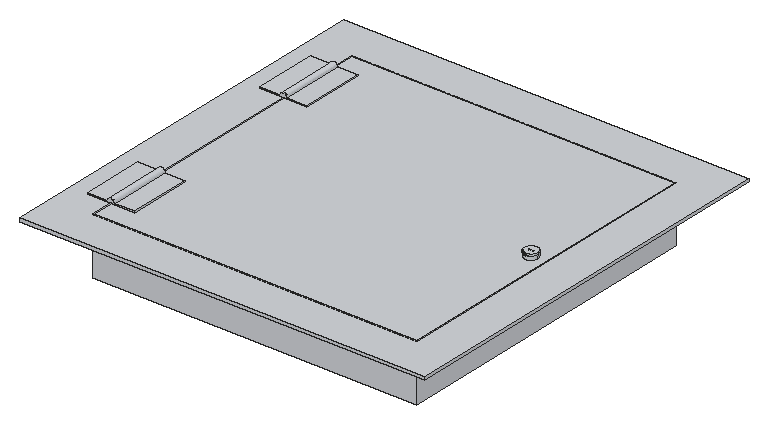
Revit family "MI-SADH", category Generic Models, host Face, Revit 2018
Family settings
  Host = Face
  Can host rebar = No
  Round Connector Dimension = Use Diameter
  Part Type = Normal
  Cut with Voids When Loaded = No
  Shared = No
  Room Calculation Point = No
Parameters (values of type "MI-SADH-12"x12"")
  Width = 1' - 0"
  URL = "WWW.MIFAB.COM"
  Model = "MI-SADH"
  Material = none
  Manufacturer = "MIFAB"
  Height = 1' - 0"
  Description = "HIGH SECURITY ACCESS DOOR"
  Default Elevation = 4' - 0"
Types (9): name | Width | Height
  (no name) | 1' - 0" | 1' - 0"
  MI-SADH-12"x12" | 1' - 0" | 1' - 0"
  MI-SADH-16"x16" | 1' - 4" | 1' - 4"
  MI-SADH-18"x18" | 1' - 6" | 1' - 6"
  MI-SADH-24"x24" | 2' - 0" | 2' - 0"
  MI-SADH-24"x36" | 2' - 0" | 3' - 0"
  MI-SADH-24"x48" | 2' - 0" | 4' - 0"
  MI-SADH-36"x36" | 3' - 0" | 3' - 0"
  MI-SADH-36"x48" | 3' - 0" | 4' - 0"
Reference planes (in)
  plane 1 "Center (Front/Back)": y = 0
  plane 2: z = 0
  plane 3 "Center (Left/Right)": x = 0
  plane 4: x = -6
  plane 5: x = 6
  plane 6: y = 6
  plane 7: y = -6
  plane 8 "1": x = 5.4375
  plane 9: x = 7.5
  plane 10: x = -7.5
  plane 11: y = 7.5
  plane 12: y = -7.5
  plane 13: z = 0.31435
  plane 14 "2": z = -2
  plane 15: z = 0.10937
Forms (in)
  Extrusion 1, void
    sketch origin (0, 0, 0) x (1, 0, 0) y (0, 1, 0)
      loop
        line (-6.11811, 6.11811) -> (-6.11811, -6.11811) -> (6.11811, -6.11811) -> (6.11811, 6.11811) -> (-6.11811, 6.11811)
    from -2 to 0
  Sweep 2, solid, material <- "Material"
    path origin (0, 0, 0.07812) x (1, 0, 0) y (0, 1, 0)
      loop
        line (6, 6) -> (-6, 6) -> (-6, -6) -> (6, -6) -> (6, 6)
    profile origin (6, 0, 0.07812) x (1, 0, 0) y (0, 0, 1)
      loop
        line (-0.11648, -2.07812) -> (0, -2.07812) -> (0, 0.03125) -> (-0.11648, 0.03125) -> (-0.11648, -2.07812)
  Sweep 3, solid, material <- "Material"
    path origin (0, 0, 0.07812) x (1, 0, 0) y (0, 1, 0)
      loop
        line (6, 6) -> (-6, 6) -> (-6, -6) -> (6, -6) -> (6, 6)
    profile origin (6, 0, 0.07812) x (1, 0, 0) y (0, 0, 1)
      loop
        line (-0.37646, -0.07813) -> (-0.37646, -0.12527) -> (-0.16431, -0.12527) -> (-0.16431, -0.31211) -> (-0.11648, -0.31211) -> (-0.11648, -0.07813) -> (-0.37646, -0.07813)
  Extrusion 4, solid, material <- "Material"
    sketch origin (0, 0, 0.07812) x (1, 0, 0) y (0, 1, 0)
      loop
        line (-5.88352, 5.88352) -> (-5.88352, -5.88352) -> (5.88352, -5.88352) -> (5.88352, 5.88352) -> (-5.88352, 5.88352)
    from -0.07813 to 0.03125
  Sweep 5, solid
    path origin (0, 0, 0.07812) x (1, 0, 0) y (0, 1, 0)
      loop
        line (7.5, 7.5) -> (-7.5, 7.5) -> (-7.5, -7.5) -> (7.5, -7.5) -> (7.5, 7.5)
    profile origin (7.5, 0, 0.07812) x (1, 0, 0) y (0, 0, 1)
      loop
        line (0, 0.03125) -> (-1.5, 0.03125) -> (-1.5, -0.07812) -> (0, -0.07812) -> (0, 0.03125)
Cuts and joins
  joined: Sweep 2, Extrusion 4
Dimensions and locks (in)
  equal spacing: plane 7, plane 1 "Center (Front/Back)", plane 6
  "Height": plane 7 to plane 6
  equal spacing: plane 4, plane 3 "Center (Left/Right)", plane 5
  "Width": plane 4 to plane 5
  locked: plane 8 "1" to plane 5 at 0.5625
  locked: plane 5 to plane 9 at 1.5
  locked: plane 10 to plane 4 at 1.5
  locked: plane 12 to plane 7 at 1.5
  locked: plane 11 to plane 6 at 1.5
  locked: plane 13 to profile plane at 0.23622
  locked: plane 2 to plane 14 "2" at 2
  plane 9 to plane 5 = 0' - 1 1/2"
  locked: nested 2 to plane 6 at 2
  locked: plane 7 to nested 3 at 2
  aligned and locked: plane 2 to host face
  aligned and locked: level to host face
  aligned and locked: plane 2 to Extrusion 1
  aligned and locked: profile plane to Sweep 5 sketch curve
  aligned and locked: Extrusion 1 to Sweep 2
  aligned and locked: plane 14 "2" to Sweep 2 sketch curve
  aligned and locked: nested 1 to plane 8 "1"
  aligned and locked: plane 15 to Sweep 5 sketch curve
  aligned and locked: plane 5 to Sweep 5 sketch curve
  aligned and locked: plane 15 to Sweep 2 sketch curve
  aligned and locked: Sweep 2 to Sweep 3 sketch curve
  aligned and locked: Sweep 3 sketch curve to host face
  aligned and locked: Extrusion 4 to Sweep 2  (x4)
  aligned and locked: plane 4 to nested 2
  aligned and locked: plane 4 to nested 3
Automatic sketch dimensions
  host sketch curve to host sketch curve = 4' - 11.74118"
  host sketch curve to host sketch curve = 5' - 7 67/256"
  Extrusion 1 sketch curve to plane 4 = 0' - 0.11811"
  Extrusion 1 sketch curve to plane 5 = 0' - 0.11811"
  plane 7 to Extrusion 1 sketch curve = 0' - 0.11811"
  plane 6 to Extrusion 1 sketch curve = 0' - 0.11811"
  Sweep 2 sketch curve to plane 4 = 0' - 0"
  Sweep 2 sketch curve to plane 5 = 0' - 0"
  plane 7 to Sweep 2 sketch curve = 0' - 0"
  Sweep 2 sketch curve to plane 6 = 0' - 0"
  profile plane to Sweep 2 sketch curve = 0' - 0"
  Sweep 2 sketch curve to Sweep 2 sketch curve = 0' - 0.11648"
  Sweep 3 sketch curve to plane 4 = 0' - 0"
  Sweep 3 sketch curve to plane 5 = 0' - 0"
  plane 7 to Sweep 3 sketch curve = 0' - 0"
  Sweep 3 sketch curve to plane 6 = 0' - 0"
  Sweep 3 sketch curve to Sweep 3 sketch curve = 0' - 0.04782"
  Sweep 3 sketch curve to Sweep 3 sketch curve = 0' - 0.21216"
  Sweep 3 sketch curve to Sweep 3 sketch curve = 0' - 0.04715"
  Sweep 3 sketch curve to Sweep 3 sketch curve = 0' - 0.18684"
  plane 4 to Extrusion 4 sketch curve = 0' - 0.11648"
  plane 5 to Extrusion 4 sketch curve = 0' - 0.11648"
  Extrusion 4 sketch curve to plane 7 = 0' - 0.11648"
  Extrusion 4 sketch curve to plane 6 = 0' - 0.11648"
  Sweep 5 sketch curve to plane 10 = 0' - 0"
  Sweep 5 sketch curve to plane 9 = 0' - 0"
  plane 12 to Sweep 5 sketch curve = 0' - 0"
  Sweep 5 sketch curve to plane 11 = 0' - 0"
  Sweep 5 sketch curve to profile plane = 0' - 0 5/64"
Nested families (in)
  nested 1: "Handle" at (5.4375, 0, 0.10937), type "Handle"
  nested 2: "Breck" at (-6, 4, 0.10937), type "Breck"
  nested 3: "Breck" at (-6, -4, 0.10937), type "Breck"
Definition of nested family "Handle"
  Parameters (values of type "Handle")
    Material = none
    Default Elevation = 4' - 0"
  Reference planes (in)
    plane 1 "Center (Front/Back)": y = 0
    plane 2: z = 0
    plane 3 "Center (Left/Right)": x = 0
    plane 4: z = 0.46152
  Forms (in)
    Extrusion 1, solid
      sketch origin (0, 0, 0) x (1, 0, 0) y (0, 1, 0)
        loop
          line (-48, 48) -> (-48, -48) -> (48, -48) -> (48, 48) -> (-48, 48)
      from 0 to -12
    Revolve 2, solid
      sketch origin (0, 0, 0) x (1, 0, 0) y (0, 0, 1)
        loop
          line (0, 0) -> (0.25, 0) -> (0.25, 0.12907)
          arc (0.25, 0.12907) -> (0.24341, 0.14499) -> (0.22749, 0.15158) r 0.02251
          line (0.22749, 0.15158) -> (0, 0.15158) -> (0, 0)
        axis (0, 0) -> (0, 0.15158)
      angle from 0 to 360
    Extrusion 3, solid
      sketch origin (-3.78692, 0, -0.49918) x (1, 0, 0) y (0, 1, 0)
        loop
          circle (3.78692, 0) r 0.25
        loop
          line (3.70895, 0.01538) -> (3.70895, -0.01537) -> (3.86488, -0.01537) -> (3.86488, 0.01538) -> (3.70895, 0.01538)
      from 0.64964 to 0.6877
  Dimensions and locks (in)
    aligned and locked: plane 2 to Extrusion 1
    aligned and locked: level to Extrusion 1
Definition of nested family "Breck"
  Parameters (values of type "Breck")
    Material = none
    Default Elevation = 4' - 0"
  Reference planes (in)
    plane 1 "Center (Front/Back)": y = 0
    plane 2: z = 0
    plane 3 "Center (Left/Right)": x = 0
    plane 4: x = -0.875
    plane 5: x = 0.875
  Forms (in)
    Extrusion 1, solid
      sketch origin (0, 0, 0) x (1, 0, 0) y (0, 1, 0)
        loop
          line (-48, 48) -> (-48, -48) -> (48, -48) -> (48, 48) -> (-48, 48)
      from 0 to -12
    Extrusion 2, solid
      sketch origin (0, 0.33389, 0) x (1, 0, 0) y (0, 0, 1)
        loop
          line (-0.875, 0) -> (0.875, 0) -> (0.875, 0.03937) -> (0.12548, 0.03937)
          arc (0.12548, 0.03937) -> (0, 0.16485) -> (-0.12548, 0.03937) r 0.12548
          line (-0.12548, 0.03937) -> (-0.875, 0.03937) -> (-0.875, 0)
      from -0.83222 to 1.5
  Dimensions and locks (in)
    aligned and locked: plane 2 to Extrusion 1
    aligned and locked: level to Extrusion 1
